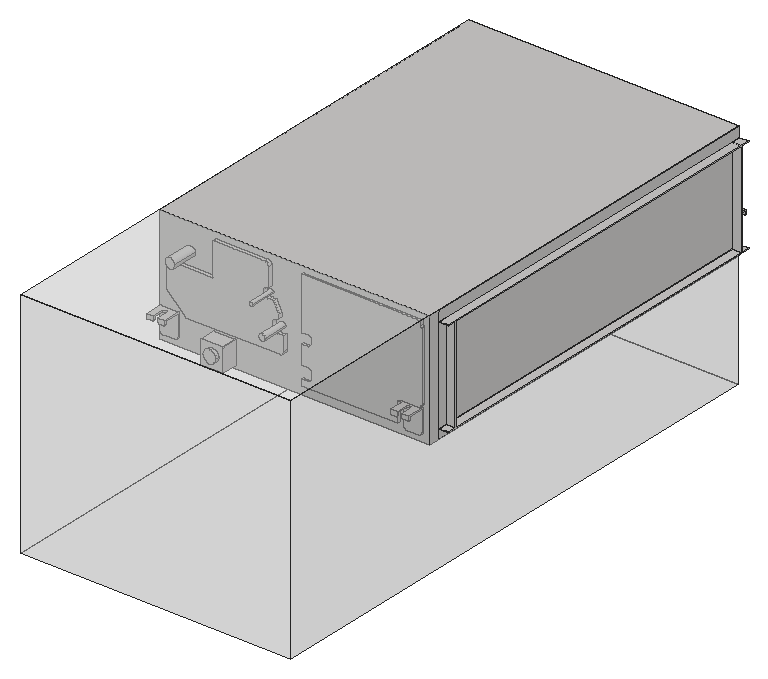
Revit family "outputfile", category 機械設備, Revit 2024
Family settings
  丸型コネクタ寸法 = 半径を使用
  パーツ タイプ = 標準
  OmniClass 番号 = 23.75.10.24.21.27.27
  OmniClass タイトル = Split System Air Conditioning Units
  作業面ベース = いいえ
  常に垂直 = はい
  ロード時にボイドで切り取り = いいえ
  注釈の向きを維持 = いいえ
  共有 = いいえ
  部屋計算ポイント = はい
Parameters (values of type "FXMQ140BFVM")
  Description = ""
  製造元 = "Daikin"
  書き出し IFC クラス(タイプ) = "IfcUnitaryEquipmentType"
  定義済み IFC タイプ(タイプ) = "AIRCONDITIONINGUNIT"
  Cost = 0
  モデル = "FXMQ140BFVM"
  Type Comments = ""
  Keynote = ""
  Type Image = (empty or 0)
  Assembly Code = ""
  w_dischargeflange = 805.0 mm
  w_suctionflange = 970.0 mm
  r_Liquid Pipe Size = Liquid Pipe Size / 2  # 4.75 mm
  r_Gas Pipe Size = Gas Pipe Size / 2  # 7.95 mm
  r_Drain Pipe Size = Drain Pipe Size / 2  # 12.5 mm
  lw_powersupply = 380.0 mm  # constant formula
  lw_mountinghole_pitch = 631.0 mm  # constant formula
  lw_mountinghole = 27.0 mm  # constant formula
  lw_maintenacesocket = 169.0 mm  # constant formula
  lw_liquidpipe = 290.0 mm  # constant formula
  lw_gaspipe = 318.0 mm  # constant formula
  lw_drainpipe = 80.0 mm  # constant formula
  lh_dischargeflange = 165.0 mm  # constant formula
  lh_powersupply = 56.0 mm  # constant formula
  lh_maintenacesocket = 40.0 mm  # constant formula
  lh_liquidpipe = 212.0 mm  # constant formula
  lh_gaspipe = 144.0 mm  # constant formula
  lh_drainpipe = 232.0 mm  # constant formula
  lh_suctionflange = 150.0 mm  # constant formula
  lh_antena = Height - lh_mountinghole + 1.0 mm  # 221.0 mm
  ld_dischargeflange = 435.0 mm
  ld_powersupply = Depth / 2  # 500.0 mm
  ld_mountinghole_pitch = 1038.0 mm
  ld_suctionflange = 513.0 mm
  h_dischargeflange = 265.0 mm  # constant formula
  lh_mountinghole = 80.0 mm  # constant formula
  h_mountinghole = [h***] + lh_mountinghole  # 80.0 mm
  h_suctionflange = 297.0 mm  # constant formula
  h*** = 0.0 mm  # constant formula
  d_dischargeflange = 25.0 mm  # constant formula
  d_pipe = 65.0 mm
  d_suctionflange = 25.0 mm  # constant formula
  Width = 700.0 mm
  Voltage_comment_60Hz = "220-230"
  Voltage_comment_50Hz = "220-240"
  Voltage_60Hz = 220 V
  Voltage_50Hz = 230 V
  Version = "ver.1.0"
  Unit Type = "Outdoor Air Processing Unit"
  Unit Mass Weight = 36.00 kg
  Unit Designation [instance] = ""
  Uniclass2015Version = "Products v1.30"
  Uniclass2015Title = "Variable refrigerant flow units"
  Uniclass2015Code = "Pr_70_65_03_94"
  URL = ""
  Total Cooling Capacity [instance] = 0.000 kW
  Supply Air Direction [instance] = yes
  Sound Pressure Level_M speed (dBA) = 34
  Sound Pressure Level_L speed (dBA) = 25
  Sound Pressure Level_H speed (dBA) = 41
  Sound Power Level_H speed (dB) = 0
  Series = "VRV Fan Coil Unit"
  Sensible Cooling Capacity [instance] = 0.000 kW
  SA Duct Size Width = 760.0 mm
  SA Duct Size Height = 215.0 mm
  Refrigerant Type = "R410A"
  Power Input (Cooling) = 0.100 kW
  Phase_60Hz = 1
  Phase_50Hz = 1
  Option Accessory 3 [instance] = ""
  Option Accessory 2 [instance] = ""
  Option Accessory 1 [instance] = ""
  OA Duct Size Width = 925.0 mm
  OA Duct Size Height = 247.0 mm
  Nominal Cooling Capacity = 16.000 kW
  Minimum External Static Pressure = 50.00 Pa
  Minimum Circuit Amps_60Hz = 1.75 A
  Minimum Circuit Amps_50Hz = 1.75 A
  Minimum Airflow = 618.00 m³/h
  Median Airflow = 924.00 m³/h
  Maximum Fuse Amps_60Hz = 16.0 A
  Maximum Fuse Amps_50Hz = 16.0 A
  Maximum External Static Pressure = 200.00 Pa
  Maximum Airflow = 1230.00 m³/h
  Material_Casing = DAIKIN_GalvanizedSteel_Casing_indoorunit
  Load Classification = HVAC
  Liquid Pipe Size = 9.5 mm
  Link_Nested Family [instance] = ""
  IfcVersion = "0"
  IfcExportType = "AIRCONDITIONINGUNIT"
  IfcExportAs = "IfcUnitaryEquipmentType"
  Height = 300.0 mm
  Heat Exchanger Type = "Cross Fin Coil"
  Gas Pipe Size = 15.9 mm
  Frequency_60Hz = 60 Hz
  Frequency_50Hz = 50 Hz
  Fan Type = "Sirocco Fan"
  Fan Drive = "Direct Drive"
  FCU Tag No. [instance] = ""
  Drain Pipe Size = 25.0 mm
  Design Supply Airflow [instance] = 0.00 m³/h
  Design Outdoor Airflow [instance] = 0.00 m³/h
  Design External Static Pressure [instance] = 0.00 Pa
  Depth = 1000.0 mm
  既定の高さ = 0.0 mm
  Cooling Entering Wet Bulb Temperature [instance] = 0.00 °C
  Cooling Entering Dry Bulb Temperature [instance] = 0.00 °C
  Cooling Ambient Wet Bulb Temperature [instance] = 0.00 °C
  Cooling Ambient Dry Bulb Temperature [instance] = 0.00 °C
  Clearance visibility [instance] = yes
  Clearance Top = 0.0 mm
  Clearance Right = 0.0 mm
  Clearance Rear = 0.0 mm
  Clearance Left = 0.0 mm
  Clearance Front = 450.0 mm
  Clearance Bottom = 300.0 mm
Reference planes
  plane 1 "Center (Front/Back)": y = 0
  plane 2: z = 0
  plane 3 "Center (Left/Right)": x = 0
  plane 4 "Back": y = 500
  plane 5 "Front": y = -500
  plane 6 "Left": x = -350
  plane 7 "Right": x = 350
  plane 8 "Top": z = 0
  plane 9 "Bottom": z = -300
  plane 10: y = 500
  plane 11: y = -950
  plane 12: x = 350
  plane 13: x = -350
  plane 14: z = 0
  plane 15: z = -600
  plane 16: y = -506
  plane 17: y = -510
  plane 18: y = -541
  plane 19: y = -549
  plane 20: y = -565
  plane 21 "ld_drainpipe": x = -270
  plane 22 "ld_liquidpipe": x = -60
  plane 23 "ld_gaspipe": x = -32
  plane 24 "lh_gaspipe": z = -156
  plane 25 "lh_drainpipe": z = -68
  plane 26 "lh_liquidpipe": z = -88
  plane 27 "h_mountinghole": z = -220
  plane 28: x = -323
  plane 29: x = 308
  plane 30: y = 519
  plane 31: y = -519
  plane 32 "lh_powersuply": z = -244
  plane 33 "ld_powersupply": x = 30
  plane 34 "lh_suctionflange": z = -150
  plane 35 "ld_suctionflange": y = 13
  plane 36 "ld_dischargeflange": y = 65
  plane 37 "lh_dischargeflange": z = -135
  plane 38 "lh_maintenacesocket": z = -260
  plane 39 "lw_maintenacesocket": x = -181
Forms (mm)
  Extrusion 1, solid, material "DAIKIN_GalvanizedSteel_Casing_indoorunit" <- "Material_Casing"
    sketch origin (0, 0, 0) x (1, 0, 0) y (0, 0, 1)
      loop
        line (-350, 0) -> (-350, -300) -> (350, -300) -> (350, 0) -> (-350, 0)
    from -500 to 500
  Extrusion 2, solid, material "DAIKIN_GalvanizedSteel_Casing_indoorunit" <- "Material_Casing"
    sketch origin (0, 0, 0) x (1, 0, 0) y (0, 0, 1)
      loop
        line (23.104, -151.299) -> (41.1, -151.326)
        arc (41.1, -151.326) -> (46.767, -153.673) -> (49.114, -159.34) r 8.015
        line (49.114, -159.34) -> (49.104, -169.302)
        arc (49.104, -169.302) -> (46.761, -174.959) -> (41.104, -177.302) r 8
        line (41.104, -177.302) -> (23.104, -177.302) -> (23.104, -227.302) -> (41.104, -227.302)
        arc (41.104, -227.302) -> (46.761, -229.645) -> (49.104, -235.302) r 8
        line (49.104, -235.302) -> (49.104, -251.302)
        arc (49.104, -251.302) -> (46.761, -256.959) -> (41.104, -259.302) r 8
        line (41.104, -259.302) -> (23.104, -259.302) -> (23.104, -274.802) -> (271.104, -274.802) -> (271.104, -224.802)
        arc (271.104, -224.802) -> (272.568, -221.266) -> (276.104, -219.802) r 5
        line (276.104, -219.802) -> (327.104, -219.802)
        spline (327.104, -219.802) -> (327.496, -219.776) -> (327.88, -219.7) -> (328.252, -219.574) -> (328.604, -219.4) -> (328.93, -219.182) -> (329.225, -218.923) -> (329.484, -218.628) -> (329.702, -218.302) -> (329.876, -217.95) -> (330.002, -217.578) -> (330.078, -217.194) -> (330.104, -216.802)
        line (330.104, -216.802) -> (330.104, -213) -> (332, -213)
        arc (332, -213) -> (334.121, -212.121) -> (335, -210) r 3
        line (335, -210) -> (335, -32)
        arc (335, -32) -> (334.121, -29.879) -> (332, -29) r 3
        line (332, -29) -> (330.104, -29) -> (330.104, -15.8) -> (23.104, -15.8) -> (23.104, -151.299)
    from 500 to 506
  Extrusion 3, solid, material "DAIKIN_GalvanizedSteel_Casing_indoorunit" <- "Material_Casing"
    sketch origin (0, 0, 0) x (1, 0, 0) y (0, 0, 1)
      loop
        line (-70, -15.8) -> (-201, -15.8)
        arc (-201, -15.8) -> (-203.121, -16.679) -> (-204, -18.8) r 3
        line (-204, -18.8) -> (-204, -102) -> (-321, -102)
        arc (-321, -102) -> (-323.121, -102.879) -> (-324, -105) r 3
        line (-324, -105) -> (-324, -167.757)
        arc (-324, -167.757) -> (-323.772, -168.905) -> (-323.121, -169.879) r 3
        line (-323.121, -169.879) -> (-274.879, -218.121)
        arc (-274.879, -218.121) -> (-273.905, -218.772) -> (-272.757, -219) r 3
        line (-272.757, -219) -> (-30, -219)
        arc (-30, -219) -> (-22.929, -216.071) -> (-20, -209) r 10
        line (-20, -209) -> (-20, -172.5) -> (-26.169, -172.5)
        arc (-26.169, -172.5) -> (-49.051, -159.94) -> (-34, -138.615) r 17.5
        line (-34, -138.615) -> (-34, -127.5) -> (-47, -100.5) -> (-56.429, -100.5)
        arc (-56.429, -100.5) -> (-72.874, -89.803) -> (-60, -75) r 13
        line (-60, -75) -> (-60, -25.8)
        arc (-60, -25.8) -> (-62.929, -18.729) -> (-70, -15.8) r 10
    from 510 to 500
  Extrusion 4, solid, material "DAIKIN_GalvanizedSteel_Casing_indoorunit" <- "Material_Casing"
    sketch origin (0, 0, 0) x (1, 0, 0) y (0, 0, 1)
      loop
        line (-209.102, -232.7) -> (-209.102, -292.398) -> (-152.898, -292.398) -> (-152.898, -232.7)
        arc (-152.898, -232.7) -> (-153.133, -232.133) -> (-153.7, -231.898) r 0.802
        line (-153.7, -231.898) -> (-208.298, -231.898)
        arc (-208.298, -231.898) -> (-208.865, -232.133) -> (-209.102, -232.7) r 0.802
    from 500 to 541
  Extrusion 5, solid, material "DAIKIN_GalvanizedSteel_Casing_indoorunit" <- "Material_Casing"
    sketch origin (0, 0, 0) x (1, 0, 0) y (0, 0, 1)
      loop
        circle (-181, -260) r 16.5
    from 541 to 549
  Extrusion 6, solid, material "DAIKIN_GalvanizedSteel_Casing_indoorunit" <- "Material_Casing"
    sketch origin (0, 0, 0) x (1, 0, 0) y (0, 0, 1)
      loop
        circle (-270, -68) r 12.5
      loop
        circle (-60, -88) r 4.75
      loop
        circle (-32, -156) r 7.95
    from 500 to 565
Dimensions and locks
  "Height": plane 8 "Top" to plane 9 "Bottom"
  equal spacing: plane 6 "Left", plane 3 "Center (Left/Right)", plane 7 "Right", locked at 350 each
  "Width": plane 6 "Left" to plane 7 "Right"
  equal spacing: plane 4 "Back", plane 1 "Center (Front/Back)", plane 5 "Front"
  "Depth": plane 4 "Back" to plane 5 "Front"
  "Clearance Left": plane 13 to plane 6 "Left"
  "Clearance Right": plane 7 "Right" to plane 12
  "Clearance Rear": plane 10 to plane 4 "Back"
  "Clearance Front": plane 5 "Front" to plane 11
  "Clearance Top": plane 14 to plane 8 "Top"
  "Clearance Bottom": plane 9 "Bottom" to plane 15
  Extrusion 2 sketch curve to Extrusion 2 sketch curve to Extrusion 2 sketch curve = 307.0 mm locked, 4.896 mm locked
  Extrusion 2 sketch curve to Extrusion 2 sketch curve to Extrusion 2 sketch curve to Extrusion 2 sketch curve to Extrusion 2 sketch curve = 26.0 mm locked, 222.0 mm locked, 59.0 mm locked, 4.896 mm locked
  locked: Extrusion 2 sketch curve to Extrusion 2 sketch curve at 26.01
  locked: Extrusion 2 sketch curve to nested 1 at 23.104
  locked: Extrusion 2 sketch curve to plane 3 "Center (Left/Right)" at 23.104
  plane 3 "Center (Left/Right)" to Extrusion 2 sketch curve = 23.104 mm
  Extrusion 2 sketch curve to Extrusion 2 sketch curve to Extrusion 2 sketch curve to Extrusion 2 sketch curve to Extrusion 2 sketch curve = 161.502 mm locked, 50.0 mm locked, 32.0 mm locked, 15.5 mm locked
  locked: Extrusion 2 sketch curve to Extrusion 2 sketch curve at 68.127
  locked: Extrusion 2 sketch curve to Extrusion 2 sketch curve at 13.2
  locked: Extrusion 2 sketch curve to Extrusion 2 sketch curve at 6.802
  locked: Extrusion 2 sketch curve to Extrusion 2 sketch curve at 55
  locked: plane 5 "Front" to plane 16 at 6
  locked: plane 5 "Front" to plane 17 at 10
  locked: plane 5 "Front" to plane 18 at 41
  "d_pipe": plane 5 "Front" to plane 20
  "lw_drainpipe": plane 6 "Left" to plane 21 "ld_drainpipe"
  "lw_liquidpipe": plane 6 "Left" to plane 22 "ld_liquidpipe"
  "lw_gaspipe": plane 6 "Left" to plane 23 "ld_gaspipe"
  "lh_gaspipe": plane 24 "lh_gaspipe" to plane 9 "Bottom"
  "lh_liquidpipe": plane 26 "lh_liquidpipe" to plane 9 "Bottom"
  "lh_drainpipe": plane 25 "lh_drainpipe" to plane 9 "Bottom"
  "lh_mountinghole": plane 27 "h_mountinghole" to plane 9 "Bottom"
  "lw_mountinghole": plane 6 "Left" to plane 28
  "lw_mountinghole_pitch": plane 28 to plane 29
  equal spacing: plane 30, plane 1 "Center (Front/Back)", plane 31
  "ld_mountinghole_pitch": plane 30 to plane 31
  locked: Extrusion 3 sketch curve to plane 6 "Left" at 146
  locked: Extrusion 3 sketch curve to plane 6 "Left" at 290
  locked: plane 6 "Left" to Extrusion 3 sketch curve at 26
  locked: Extrusion 3 sketch curve to plane 6 "Left" at 316
  locked: Extrusion 3 sketch curve to plane 6 "Left" at 330
  locked: Extrusion 3 sketch curve to plane 9 "Bottom" at 81
  locked: Extrusion 3 sketch curve to plane 9 "Bottom" at 284.2
  locked: Extrusion 3 sketch curve to plane 9 "Bottom" at 199.5
  locked: Extrusion 3 sketch curve to plane 9 "Bottom" at 127.5
  locked: Extrusion 3 sketch curve to plane 9 "Bottom" at 198
  "lh_powersupply": plane 32 "lh_powersuply" to plane 9 "Bottom"
  "lw_powersupply": plane 6 "Left" to plane 33 "ld_powersupply"
  "lh_suctionflange": plane 34 "lh_suctionflange" to plane 9 "Bottom"
  "ld_suctionflange": plane 35 "ld_suctionflange" to plane 5 "Front"
  "ld_dischargeflange": plane 4 "Back" to plane 36 "ld_dischargeflange"
  "lh_dischargeflange": plane 37 "lh_dischargeflange" to plane 9 "Bottom"
  locked: plane 5 "Front" to plane 19 at 49
  "lh_maintenacesocket": plane 38 "lh_maintenacesocket" to plane 9 "Bottom"
  "lw_maintenacesocket": plane 6 "Left" to plane 39 "lw_maintenacesocket"
  equal spacing: Extrusion 4 sketch curve, plane 39 "lw_maintenacesocket", Extrusion 4 sketch curve
  locked: Extrusion 4 sketch curve to Extrusion 4 sketch curve at 56.204
  Extrusion 4 sketch curve to plane 38 "lh_maintenacesocket" to Extrusion 4 sketch curve = 28.102 mm locked, 32.398 mm locked
  "r_Drain Pipe Size": radius of Extrusion 6 sketch curve
  "r_Liquid Pipe Size": radius of Extrusion 6 sketch curve
  "r_Gas Pipe Size": radius of Extrusion 6 sketch curve
  aligned and locked: level to plane 2
  aligned and locked: Extrusion 1 sketch curve to plane 8 "Top"
  aligned and locked: plane 6 "Left" to Extrusion 1 sketch curve
  aligned and locked: plane 9 "Bottom" to Extrusion 1 sketch curve
  aligned and locked: Extrusion 1 sketch curve to plane 7 "Right"
  aligned and locked: plane 4 "Back" to Extrusion 1
  aligned and locked: Extrusion 1 to plane 5 "Front"
  aligned and locked: plane 10 to nested 1
  aligned and locked: plane 11 to nested 1
  aligned and locked: plane 12 to nested 1
  aligned and locked: nested 1 to plane 13
  aligned and locked: plane 15 to nested 1
  aligned and locked: plane 14 to nested 1
  aligned and locked: Extrusion 2 to plane 16
  aligned and locked: plane 5 "Front" to Extrusion 2
  aligned and locked: Extrusion 4 to plane 18
  aligned and locked: plane 5 "Front" to Extrusion 4
  aligned and locked: Extrusion 5 to plane 19
  aligned and locked: plane 18 to Extrusion 5
  aligned and locked: plane 25 "lh_drainpipe" to Extrusion 6 sketch curve
  aligned and locked: plane 21 "ld_drainpipe" to Extrusion 6 sketch curve
  aligned and locked: plane 26 "lh_liquidpipe" to Extrusion 6 sketch curve
  aligned and locked: plane 22 "ld_liquidpipe" to Extrusion 6 sketch curve
  aligned and locked: plane 23 "ld_gaspipe" to Extrusion 6 sketch curve
  aligned and locked: plane 24 "lh_gaspipe" to Extrusion 6 sketch curve
  aligned and locked: Extrusion 6 to plane 20
  aligned and locked: plane 5 "Front" to Extrusion 6
  aligned and locked: nested 2 to plane 5 "Front"
  aligned and locked: nested 2 to plane 21 "ld_drainpipe"
  aligned and locked: plane 25 "lh_drainpipe" to nested 2
  aligned and locked: nested 3 to plane 5 "Front"
  aligned and locked: nested 4 to plane 5 "Front"
  aligned and locked: plane 26 "lh_liquidpipe" to nested 3
  aligned and locked: plane 24 "lh_gaspipe" to nested 4
  aligned and locked: plane 29 to nested 5
  aligned and locked: plane 4 "Back" to nested 5
  aligned and locked: plane 27 "h_mountinghole" to nested 5
  aligned and locked: plane 28 to nested 6
  aligned and locked: plane 4 "Back" to nested 6
  aligned and locked: plane 27 "h_mountinghole" to nested 6
  aligned and locked: nested 7 to plane 29
  aligned and locked: plane 5 "Front" to nested 7
  aligned and locked: plane 5 "Front" to nested 8
  aligned and locked: nested 8 to plane 28
  aligned and locked: nested 7 to plane 27 "h_mountinghole"
  aligned and locked: nested 8 to plane 27 "h_mountinghole"
  aligned and locked: Extrusion 3 to plane 17
  aligned and locked: plane 5 "Front" to Extrusion 3
  aligned and locked: nested 11 to plane 28
  aligned and locked: nested 11 to plane 30
  aligned and locked: nested 12 to plane 29
  aligned and locked: nested 12 to plane 30
  aligned and locked: nested 9 to plane 29
  aligned and locked: plane 31 to nested 9
  aligned and locked: nested 10 to plane 28
  aligned and locked: plane 31 to nested 10
  aligned and locked: nested 13 to plane 32 "lh_powersuply"
  aligned and locked: plane 1 "Center (Front/Back)" to nested 14
  aligned and locked: nested 14 to plane 3 "Center (Left/Right)"
  aligned and locked: plane 34 "lh_suctionflange" to nested 15
  aligned and locked: plane 7 "Right" to nested 15
  aligned and locked: plane 35 "ld_suctionflange" to nested 15
  aligned and locked: nested 16 to plane 36 "ld_dischargeflange"
  aligned and locked: nested 16 to plane 6 "Left"
  aligned and locked: plane 37 "lh_dischargeflange" to nested 16
  aligned and locked: nested 17 to plane 6 "Left"
  aligned and locked: nested 17 to plane 36 "ld_dischargeflange"
  aligned and locked: plane 7 "Right" to nested 18
  aligned and locked: plane 35 "ld_suctionflange" to nested 18
  aligned and locked: nested 18 to plane 34 "lh_suctionflange"
  aligned and locked: nested 17 to plane 37 "lh_dischargeflange"
  aligned and locked: plane 38 "lh_maintenacesocket" to Extrusion 5 sketch curve
  aligned and locked: plane 39 "lw_maintenacesocket" to Extrusion 5 sketch curve
  aligned and locked: nested 3 to plane 22 "ld_liquidpipe"
  aligned and locked: nested 4 to plane 23 "ld_gaspipe"
  aligned and locked: nested 13 to plane 33 "ld_powersupply"
  aligned and locked: level to plane 8 "Top"
Automatic sketch dimensions
  Extrusion 2 sketch curve to Extrusion 2 sketch curve = 0.027 mm
  Extrusion 2 sketch curve to Extrusion 2 sketch curve = 8.015 mm
  Extrusion 2 sketch curve to Extrusion 2 sketch curve = 8.01 mm
  Extrusion 2 sketch curve to Extrusion 2 sketch curve = 0.0 mm  (x4)
  Extrusion 2 sketch curve to Extrusion 2 sketch curve = 8.0 mm  (x3)
  Extrusion 2 sketch curve to Extrusion 2 sketch curve = 5.0 mm
  Extrusion 2 sketch curve to Extrusion 2 sketch curve = 3.0 mm  (x2)
  Extrusion 2 sketch curve to Extrusion 2 sketch curve = 1.896 mm  (x2)
  Extrusion 2 sketch curve to plane 8 "Top" = 15.8 mm
  Extrusion 4 sketch curve to Extrusion 4 sketch curve = 0.804 mm
  Extrusion 4 sketch curve to Extrusion 4 sketch curve = 0.802 mm  (x2)
  Extrusion 4 sketch curve to Extrusion 4 sketch curve = 0.0 mm
  plane 23 "ld_gaspipe" to Extrusion 3 sketch curve = 0.0 mm
  Extrusion 3 sketch curve to plane 24 "lh_gaspipe" = 0.0 mm
  Extrusion 3 sketch curve to plane 26 "lh_liquidpipe" = 0.0 mm
  plane 28 to Extrusion 3 sketch curve = 0.121 mm
  Extrusion 3 sketch curve to plane 28 = 2.0 mm  (x2)
  plane 21 "ld_drainpipe" to Extrusion 3 sketch curve = 4.879 mm
  plane 21 "ld_drainpipe" to Extrusion 3 sketch curve = 2.757 mm
  Extrusion 3 sketch curve to Extrusion 3 sketch curve = 3.0 mm  (x2)
  plane 22 "ld_liquidpipe" to Extrusion 3 sketch curve = 10.0 mm
  Extrusion 3 sketch curve to plane 22 "ld_liquidpipe" = 3.571 mm
  Extrusion 3 sketch curve to Extrusion 3 sketch curve = 9.429 mm
  Extrusion 3 sketch curve to plane 23 "ld_gaspipe" = 2.0 mm
  Extrusion 3 sketch curve to plane 23 "ld_gaspipe" = 5.831 mm
  Extrusion 3 sketch curve to plane 24 "lh_gaspipe" = 11.757 mm
  Extrusion 3 sketch curve to Extrusion 3 sketch curve = 11.115 mm
  radius of Extrusion 5 sketch curve = 16.5 mm
Nested families
  nested 1: "daikin_clearancespace" at (0, -225, -299.881), visible <- "Clearance visibility", show <- "Clearance visibility", Link_Nested Family <- "Link_Nested Family", type "daikin_clearancespace"
    with width 700.0 mm, show yes, height 600.0 mm, depth 1450.0 mm, Link_Nested Family ""
  nested 2: "daikin_connector_rotate2" at (-270, -500, -68), length <- "d_pipe", radius <- "r_Drain Pipe Size", type "daikin_connector_rotate2"
    with radius 12.5 mm, length 65.0 mm, angle_vertical 90.00°, show_face no
  nested 3: "daikin_connector_rotate2" at (-60, -500, -88), length <- "d_pipe", radius <- "r_Liquid Pipe Size", type "daikin_connector_rotate2"
    with radius 4.75 mm, length 65.0 mm, angle_vertical 90.00°, show_face no
  nested 4: "daikin_connector_rotate2" at (-32, -500, -156), length <- "d_pipe", radius <- "r_Gas Pipe Size", type "daikin_connector_rotate2"
    with radius 7.95 mm, length 65.0 mm, angle_vertical 90.00°, show_face no
  nested 5: "daikin_hangerfixture_FXMQ-BFVM" at (308, 500, -220) x (-1, 0, 0) z (0, 0, 1), type "daikin_hangerfixture_FXMQ-BFVM"
  nested 6: "daikin_hangerfixture_FXMQ-BFVM" at (-323, 500, -220) x (-1, 0, 0) z (0, 0, 1), type "daikin_hangerfixture_FXMQ-BFVM"
  nested 7: "daikin_hangerfixture_FXMQ-BFVM" at (308, -500, -220) x (-1, 0, 0) z (0, 0, 1), type "daikin_hangerfixture_FXMQ-BFVM"
  nested 8: "daikin_hangerfixture_FXMQ-BFVM" at (-323, -500, -220) x (-1, 0, 0) z (0, 0, 1), type "daikin_hangerfixture_FXMQ-BFVM"
  nested 9: "daikin_mountinghole" at (308, -519, -300), Link_Nested Family <- "Link_Nested Family", l_antenna <- "lh_antena", h_mountinghole <- "h_mountinghole", type "daikin_mountinghole"
    with show yes, l_antenna 221.0 mm, h_mountinghole 80.0 mm, Link_Nested Family ""
  nested 10: "daikin_mountinghole" at (-323, -519, -300), Link_Nested Family <- "Link_Nested Family", l_antenna <- "lh_antena", h_mountinghole <- "h_mountinghole", type "daikin_mountinghole"
    with show yes, l_antenna 221.0 mm, h_mountinghole 80.0 mm, Link_Nested Family ""
  nested 11: "daikin_mountinghole" at (-323, 519, -300), Link_Nested Family <- "Link_Nested Family", l_antenna <- "lh_antena", h_mountinghole <- "h_mountinghole", type "daikin_mountinghole"
    with show yes, l_antenna 221.0 mm, h_mountinghole 80.0 mm, Link_Nested Family ""
  nested 12: "daikin_mountinghole" at (308, 519, -300), Link_Nested Family <- "Link_Nested Family", l_antenna <- "lh_antena", h_mountinghole <- "h_mountinghole", type "daikin_mountinghole"
    with show yes, l_antenna 221.0 mm, h_mountinghole 80.0 mm, Link_Nested Family ""
  nested 13: "daikin_connector_rotate2" at (30, 0, -244), length <- "ld_powersupply", type "daikin_connector_rotate2"
    with radius 10.0 mm, length 500.0 mm, angle_vertical 90.00°, show_face no
  nested 14: "daikin_△_symbolicline" at (0, 0, 300) x (0, -1, 0) z (0, 0, 1), visible <- "Supply Air Direction", built-in parameter 1001364 <- "Height", type "daikin_△_symbolicline"
    with length 300.0 mm
  nested 15: "daikin_ductflange_FXMQ-BFVM" at (350, 13, -298.5) x (0, 1, 0) z (0, 0, 1), depth <- "d_suctionflange", height <- "h_suctionflange", width <- "w_suctionflange", material <- "Material_Casing", type "daikin_ductflange_FXMQ-BFVM"
    with width 970.0 mm, top1 25.0 mm, right1 22.5 mm, material DAIKIN_GalvanizedSteel_Casing_indoorunit, left1 22.5 mm, height 297.0 mm, depth 25.0 mm, Bottom1 25.0 mm
  nested 16: "daikin_ductflange_FXMQ-BFVM" at (-350, 65, -267.5) x (0, -1, 0) z (0, 0, 1), material <- "Material_Casing", depth <- "d_dischargeflange", height <- "h_dischargeflange", width <- "w_dischargeflange", type "daikin_ductflange_FXMQ-BFVM"
    with width 805.0 mm, top1 25.0 mm, right1 22.5 mm, material DAIKIN_GalvanizedSteel_Casing_indoorunit, left1 22.5 mm, height 265.0 mm, depth 25.0 mm, Bottom1 25.0 mm
  nested 17: "daikin_connector_rotate2" at (-350, 65, -135) x (0, -1, 0) z (0, 0, 1), length <- "d_dischargeflange", type "daikin_connector_rotate2"
    with radius 10.0 mm, length 25.0 mm, angle_vertical 90.00°, show_face no
  nested 18: "daikin_connector_rotate2" at (350, 13, -150) x (0, 1, 0) z (0, 0, 1), length <- "d_suctionflange", type "daikin_connector_rotate2"
    with radius 10.0 mm, length 25.0 mm, angle_vertical 90.00°, show_face no
Connectors
  piping at (-270, -565, -68), diameter 25, driven by "r_Drain Pipe Size"
    settings: on nested 2, index 1, connector inside diameter 609.6 mm, connector length 0.0 mm, flow factor 0, pipe flow 0.00 m³/h, pressure drop 0.0 Pa, fitting loss kfactor 0, connector angle 0.00°, fixture units 0, engagement length 0.0 mm, angle of deflection 0.00°, flow configuration 1, flow direction 2, fitting loss method 4, system type 16, joint type 0, gender type 0, connector reference index -1, connector utility 0, adjustable connector no, is connector primary yes, connector description "Condensate Drain Piping"
  piping at (-60, -565, -88), diameter 9.5, driven by "r_Liquid Pipe Size"
    settings: on nested 3, index 2, connector inside diameter 609.6 mm, connector length 0.0 mm, flow factor 0, pipe flow 0.00 m³/h, pressure drop 0.0 Pa, fitting loss kfactor 0, connector angle 0.00°, fixture units 0, engagement length 0.0 mm, angle of deflection 0.00°, flow configuration 1, flow direction 1, fitting loss method 0, system type 29, joint type 0, gender type 0, connector reference index -1, connector utility 0, adjustable connector no, is connector primary no, connector description "Refrigerant Liquid Piping"
  piping at (-32, -565, -156), diameter 15.9, driven by "r_Gas Pipe Size"
    settings: on nested 4, index 3, connector inside diameter 609.6 mm, connector length 0.0 mm, flow factor 0, pipe flow 0.00 m³/h, pressure drop 0.0 Pa, fitting loss kfactor 0, connector angle 0.00°, fixture units 0, engagement length 0.0 mm, angle of deflection 0.00°, flow configuration 1, flow direction 2, fitting loss method 0, system type 29, joint type 0, gender type 0, connector reference index -1, connector utility 0, adjustable connector no, is connector primary no, connector description "Refrigerant Gas Piping"
  electrical at (30, -500, -244), driven by "Load Classification"
    settings: on nested 13, index 4, voltage 0 V, apparent load 0 VA, apparent load phase1 0 VA, apparent load phase2 0 VA, apparent load phase3 0 VA, power factor 1, load classification "HVAC", number of poles 1, system type 30, power factor state 1, is connector primary yes, connector utility no, sub classification motor no, connector description "Power Supply"
  hvac at (375, 13, -150), driven by "OA Duct Size Height", driven by "OA Duct Size Width"
    settings: on nested 15, index 5, duct flow 0.00 m³/h, flow factor 0, pres drop 0.00 Pa, loss coef 0, conn angle 0.00°, conn width 925.0 mm, conn height 247.0 mm, conn diameter 609.6 mm, duct sys type 1, conn prof type 1, flow config 0, flow direction 1, loss method 4, conn ref index -1, conn util no, is conn primary no, conn desc "OA Duct"
  hvac at (-375, 65, -135), driven by "SA Duct Size Height", driven by "SA Duct Size Width"
    settings: on nested 16, index 6, duct flow 0.00 m³/h, flow factor 0, pres drop 0.00 Pa, loss coef 0, conn angle 0.00°, conn width 760.0 mm, conn height 215.0 mm, conn diameter 609.6 mm, duct sys type 1, conn prof type 1, flow config 0, flow direction 2, loss method 4, conn ref index -1, conn util no, is conn primary yes, conn desc "SA Duct"
Definition of nested family "daikin_clearancespace"
  Parameters (values of type "daikin_clearancespace")
    width [instance] = 1823.963 mm
    show [instance] = yes
    material = none
    height [instance] = 1359.762 mm
    depth [instance] = 880.0 mm
    Default Elevation = 0.0 mm
    Link_Nested Family [instance] = ""
  Reference planes
    plane 1 "Center (Front/Back)": y = 0
    plane 2 "Center (Elevation)": z = -0.119
    plane 3 "Center (Left/Right)": x = 0
    plane 4: y = 440
    plane 5: y = -440
    plane 6 "Right": x = 911.982
    plane 7 "Left": x = -911.982
    plane 8 "Top": z = 679.762
    plane 9 "Bottom": z = -680
  Forms (mm)
    Extrusion 1, solid, material <- "material", visible <- "show"
      sketch origin (0, 0, 0) x (1, 0, 0) y (0, 1, 0)
        loop
          line (-911.982, 440) -> (-911.982, -440) -> (911.982, -440) -> (911.982, 440) -> (-911.982, 440)
      from -680 to 679.762
  Lines and regions (mm)
    symbolic lines, visible <- "show"
      curve 1: line (911.982, 440, 0) -> (-911.982, 440, 0)
      curve 2: line (-911.982, 440, 0) -> (-911.982, -440, 0)
      curve 3: line (-911.982, -440, 0) -> (911.982, -440, 0)
      curve 4: line (911.982, -440, 0) -> (911.982, 440, 0)
      curve 5: line (911.982, 0, 679.762) -> (-911.982, 0, 679.762)
      curve 6: line (911.982, 0, -680) -> (911.982, 0, 679.762)
      curve 7: line (-911.982, 0, -680) -> (911.982, 0, -680)
      curve 8: line (-911.982, 0, 679.762) -> (-911.982, 0, -680)
      curve 9: line (0, 440, 679.762) -> (0, -440, 679.762)
      curve 10: line (0, -440, 679.762) -> (0, -440, -680)
      curve 11: line (0, 440, -680) -> (0, 440, 679.762)
      curve 12: line (0, -440, -680) -> (0, 440, -680)
  Dimensions and locks
    "width": plane 7 "Left" to plane 6 "Right"
    "depth": plane 4 to plane 5
    "height": plane 8 "Top" to plane 9 "Bottom"
    equal spacing: plane 7 "Left", plane 3 "Center (Left/Right)", plane 6 "Right"
    equal spacing: plane 4, plane 1 "Center (Front/Back)", plane 5
    equal spacing: plane 8 "Top", plane 2 "Center (Elevation)", plane 9 "Bottom"
    aligned and locked: level to plane 2 "Center (Elevation)"
    aligned and locked: Extrusion 1 sketch curve to plane 4
    aligned and locked: plane 7 "Left" to Extrusion 1 sketch curve
    aligned and locked: Extrusion 1 sketch curve to plane 5
    aligned and locked: Extrusion 1 sketch curve to plane 6 "Right"
    aligned and locked: plane 8 "Top" to Extrusion 1
    aligned and locked: curve 1 to Extrusion 1
    aligned and locked: curve 2 to Extrusion 1
    aligned and locked: curve 3 to Extrusion 1
    aligned and locked: curve 4 to Extrusion 1
    aligned and locked: curve 5 to Extrusion 1
    aligned and locked: curve 6 to Extrusion 1
    aligned and locked: curve 7 to Extrusion 1
    aligned and locked: curve 8 to Extrusion 1
    aligned and locked: curve 9 to Extrusion 1
    aligned and locked: curve 10 to Extrusion 1
    aligned and locked: curve 11 to Extrusion 1
    aligned and locked: curve 12 to Extrusion 1
    aligned and locked: Extrusion 1 to plane 9 "Bottom"
Definition of nested family "daikin_hangerfixture_FXMQ-BFVM"
  Parameters (values of type "daikin_hangerfixture_CeilingMountedDuct")
    width = 48.0 mm
    material = none
    height = 65.0 mm
    depth = 45.0 mm
    Default Elevation = 0.0 mm
  Reference planes
    plane 1 "Center (Front/Back)": y = 0
    plane 2: z = 0
    plane 3 "Center (Left/Right)": x = 0
    plane 4: y = 417.146
    plane 5: y = -45
    plane 6: x = -24
    plane 7: x = 24
    plane 8: z = -2.3
    plane 9: z = -65
    plane 10: y = -2.3
    plane 11: z = -12
    plane 12: y = -42.7
  Forms (mm)
    Extrusion 1, solid, material <- "material"
      sketch origin (0, 0, 0) x (1, 0, 0) y (0, 1, 0)
        loop
          line (24, 0) -> (-24, 0) -> (-24, -45) -> (-6, -45) -> (-6, -19)
          arc (-6, -19) -> (0, -13) -> (6, -19) r 6
          line (6, -19) -> (6, -45) -> (24, -45) -> (24, 0)
      from 0 to -2.3
    Extrusion 2, solid, material <- "material"
      sketch origin (0, 0, 0) x (1, 0, 0) y (0, 0, 1)
        loop
          line (24, -55) -> (24, 0) -> (-24, 0) -> (-24, -55)
          arc (-24, -55) -> (-21.071, -62.071) -> (-14, -65) r 10
          line (-14, -65) -> (14, -65)
          arc (14, -65) -> (21.071, -62.071) -> (24, -55) r 10
      from 0 to 2.3
    Extrusion 3, solid, material <- "material"
      sketch origin (0, 0, 0) x (1, 0, 0) y (0, 0, 1)
        loop
          line (-6, -9) -> (-6, 0) -> (-24, 0) -> (-24, -9)
          arc (-24, -9) -> (-23.121, -11.121) -> (-21, -12) r 3
          line (-21, -12) -> (-9, -12)
          arc (-9, -12) -> (-6.879, -11.121) -> (-6, -9) r 3
        loop
          line (6, 0) -> (6, -9)
          arc (6, -9) -> (6.879, -11.121) -> (9, -12) r 3
          line (9, -12) -> (21, -12)
          arc (21, -12) -> (23.121, -11.121) -> (24, -9) r 3
          line (24, -9) -> (24, 0) -> (6, 0)
      from 42.7 to 45
  Cuts and joins
    joined: Extrusion 1, Extrusion 2, Extrusion 3
  Dimensions and locks
    "width": plane 6 to plane 7
    "depth": plane 5 to plane 1 "Center (Front/Back)"
    plane 2 to plane 8 = 2.3 mm
    "height": plane 2 to plane 9
    locked: plane 10 to plane 1 "Center (Front/Back)" at 2.3
    locked: plane 2 to plane 11 at 12
    locked: plane 12 to plane 5 at 2.3
    aligned and locked: level to plane 2
    aligned and locked: Extrusion 1 sketch curve to plane 1 "Center (Front/Back)"
    aligned and locked: plane 7 to Extrusion 1
    aligned and locked: Extrusion 1 to plane 6
    aligned and locked: Extrusion 1 to plane 5  (x2)
    aligned and locked: Extrusion 1 to plane 8
    aligned and locked: plane 2 to Extrusion 1
    aligned and locked: plane 2 to Extrusion 2 sketch curve
    aligned and locked: Extrusion 2 to plane 9
    aligned and locked: Extrusion 2 to plane 10
    aligned and locked: Extrusion 2 to plane 1 "Center (Front/Back)"
    aligned and locked: plane 2 to Extrusion 3 sketch curve  (x2)
    aligned and locked: Extrusion 3 to plane 11  (x2)
    aligned and locked: plane 12 to Extrusion 3
    aligned and locked: Extrusion 3 to plane 5
  Automatic sketch dimensions
    Extrusion 1 sketch curve to plane 6 = 0.0 mm
    Extrusion 1 sketch curve to plane 5 = 0.0 mm  (x2)
    Extrusion 1 sketch curve to plane 3 "Center (Left/Right)" = 0.0 mm
    Extrusion 1 sketch curve to plane 7 = 0.0 mm
    Extrusion 1 sketch curve to plane 3 "Center (Left/Right)" = 6.0 mm
    plane 1 "Center (Front/Back)" to Extrusion 1 sketch curve = 19.0 mm
    Extrusion 2 sketch curve to plane 7 = 0.0 mm
    Extrusion 2 sketch curve to plane 7 = 10.0 mm
    Extrusion 2 sketch curve to plane 8 = 52.7 mm
    plane 6 to Extrusion 2 sketch curve = 10.0 mm
    Extrusion 2 sketch curve to plane 6 = 0.0 mm
    Extrusion 3 sketch curve to plane 6 = 0.0 mm
    Extrusion 3 sketch curve to plane 7 = 0.0 mm
    Extrusion 3 sketch curve to Extrusion 3 sketch curve = 3.0 mm  (x2)
    Extrusion 3 sketch curve to plane 8 = 6.7 mm
    Extrusion 3 sketch curve to plane 3 "Center (Left/Right)" = 9.0 mm
    Extrusion 3 sketch curve to plane 3 "Center (Left/Right)" = 6.0 mm
    plane 3 "Center (Left/Right)" to Extrusion 3 sketch curve = 6.0 mm
    Extrusion 3 sketch curve to plane 7 = 3.0 mm
    Extrusion 3 sketch curve to plane 8 = 9.7 mm
Definition of nested family "daikin_ductflange_FXMQ-BFVM"
  Parameters (values of type "daikin_ductflange_CeilingMountedDuct")
    width [instance] = 670.0 mm
    right1 [instance] = 22.5 mm
    left1 [instance] = 22.5 mm
    Bottom1 [instance] = 25.0 mm
    material [instance] = none
    height [instance] = 272.0 mm
    depth [instance] = 25.0 mm
    top1 [instance] = 25.0 mm
    Default Elevation = 0.0 mm
  Reference planes
    plane 1 "Center (Front/Back)": y = 0
    plane 2: z = 0
    plane 3 "Center (Left/Right)": x = 0
    plane 4: y = -25
    plane 5: x = -335
    plane 6: x = 335
    plane 7 "Top": z = 272
    plane 8: y = -1
    plane 9: x = -312.5
    plane 10: x = 312.5
    plane 11: z = 247
    plane 12: z = 25
    plane 13 "Center (Elevation)": z = 136
  Forms (mm)
    Extrusion 1, solid, material <- "material"
      sketch origin (0, 0, 0) x (1, 0, 0) y (0, 0, 1)
        loop
          line (-335, 272) -> (-335, 0) -> (335, 0) -> (335, 272) -> (-335, 272)
        loop
          line (-312.5, 247) -> (-312.5, 25) -> (312.5, 25) -> (312.5, 247) -> (-312.5, 247)
      from 0 to 1
    Extrusion 2, solid, material <- "material"
      sketch origin (0, 0, 0) x (1, 0, 0) y (0, 1, 0)
        loop
          line (-312.5, -1) -> (-313.496, -1) -> (-313.496, -25) -> (-312.5, -25) -> (-312.5, -1)
        loop
          line (312.5, -1) -> (312.5, -25) -> (313.496, -25) -> (313.496, -1) -> (312.5, -1)
      from 25 to 247
    Extrusion 3, solid, material <- "material"
      sketch origin (0, 0, 0) x (0, 1, 0) y (0, 0, 1)
        loop
          line (-1, 247) -> (-1, 247.958) -> (-25, 247.958) -> (-25, 247) -> (-1, 247)
        loop
          line (-1, 25) -> (-25, 25) -> (-25, 24.042) -> (-1, 24.042) -> (-1, 25)
      from -335 to 335
  Cuts and joins
    joined: Extrusion 1, Extrusion 2, Extrusion 3
  Dimensions and locks
    "height": plane 7 "Top" to plane 2
    "width": plane 5 to plane 6
    equal spacing: plane 5, plane 3 "Center (Left/Right)", plane 6
    "depth": plane 1 "Center (Front/Back)" to plane 4
    locked: plane 8 to plane 1 "Center (Front/Back)" at 1
    "left1": plane 5 to plane 9
    "right1": plane 10 to plane 6
    locked: Extrusion 2 sketch curve to Extrusion 2 sketch curve at 0.996  (x2)
    "top1": plane 7 "Top" to plane 11
    "Bottom1": plane 12 to plane 2
    equal spacing: plane 7 "Top", plane 13 "Center (Elevation)", plane 2
    locked: Extrusion 3 sketch curve to Extrusion 2 at 0.958  (x2)
    aligned and locked: level to plane 2
    aligned and locked: Extrusion 1 sketch curve to plane 7 "Top"
    aligned and locked: plane 5 to Extrusion 1 sketch curve
    aligned and locked: Extrusion 1 sketch curve to plane 6
    aligned and locked: plane 2 to Extrusion 1 sketch curve
    aligned and locked: Extrusion 1 to plane 8
    aligned and locked: Extrusion 2 sketch curve to plane 8
    aligned and locked: Extrusion 2 sketch curve to plane 9
    aligned and locked: plane 8 to Extrusion 2 sketch curve
    aligned and locked: Extrusion 2 sketch curve to plane 10
    aligned and locked: plane 11 to Extrusion 2
    aligned and locked: Extrusion 2 to plane 12
    aligned and locked: plane 8 to Extrusion 3 sketch curve
    aligned and locked: Extrusion 3 sketch curve to plane 11
    aligned and locked: Extrusion 3 sketch curve to plane 8
    aligned and locked: Extrusion 3 sketch curve to plane 12
    aligned and locked: Extrusion 3 to plane 5
    aligned and locked: plane 6 to Extrusion 3
    aligned and locked: plane 4 to Extrusion 2 sketch curve
    aligned and locked: Extrusion 2 sketch curve to plane 4
    aligned and locked: plane 4 to Extrusion 3 sketch curve
    aligned and locked: Extrusion 3 sketch curve to plane 4
    aligned and locked: plane 9 to Extrusion 1 sketch curve
    aligned and locked: Extrusion 1 sketch curve to plane 10
    aligned and locked: plane 12 to Extrusion 1 sketch curve
    aligned and locked: Extrusion 1 sketch curve to plane 11
Definition of nested family "daikin_connector_rotate2"
  Parameters (values of type "daikin_connector_rotate2")
    show_face = yes
    radius [instance] = 10.0 mm
    length [instance] = 600.0 mm
    d_surface = 10.0 mm
    angle_vertical [instance] = 90.00°
    Default Elevation = 0.0 mm
  Reference planes
    plane 1 "Center (Front/Back)": y = 0
    plane 2: z = 0
    plane 3 "Center (Left/Right)": x = 0
  Forms (mm)
    Extrusion 1, solid, visible <- "show_face"
      sketch origin (0, -600, 0) x (1, 0, 0) y (0, 0, 1)
        loop
          circle (0, 0) r 10
      from 0 to -10
  Lines and regions (mm)
    reference lines
      curve 1: line (0, 0, 0) -> (0, -600, 0)
    symbolic lines
      curve 2: circle (0, 0, 0) r 5 normal (0, 0, 1)
    model lines, visible <- "show_face"
      curve 3: line (0, 0, 0) -> (0, -600, 0)
  Dimensions and locks
    "length": curve 1 to curve 1
    "length": curve 3 to curve 3
    "d_surface": Extrusion 1 to Extrusion 1
    "radius": radius of Extrusion 1 sketch curve
    "angle_vertical": angle curve 1 to plane 1 "Center (Front/Back)"
    "angle_vertical": angle curve 3 to plane 1 "Center (Front/Back)"
    aligned and locked: level to plane 2
    aligned and locked: plane 1 "Center (Front/Back)" to curve 1
    aligned and locked: plane 2 to curve 1
    aligned and locked: plane 1 "Center (Front/Back)" to curve 2
    aligned and locked: plane 3 "Center (Left/Right)" to curve 2
    aligned and locked: plane 1 "Center (Front/Back)" to curve 3
    aligned and locked: plane 2 to curve 3
    aligned and locked: Extrusion 1 to Extrusion 1
  Automatic sketch dimensions
    Extrusion 1 sketch curve to level = 0.0 mm
    Extrusion 1 sketch curve to plane 3 "Center (Left/Right)" = 0.0 mm
    radius of curve 2 = 5.0 mm
Definition of nested family "daikin_mountinghole"
  Parameters (values of type "daikin_mountinghole")
    Default Elevation = 1219.2 mm
    Type Comments = "mountinghole"
    show [instance] = yes
    material = none
    l_centerline = 100.0 mm
    l_antenna [instance] = 100.0 mm
    h_mountinghole [instance] = 0.0 mm
    d_circle = 30.0 mm
    Link_Nested Family [instance] = ""
  Reference planes
    plane 1 "Center (Front/Back)": y = 0
    plane 2: z = 0
    plane 3 "Center (Left/Right)": x = 0
    plane 4: y = 50
    plane 5: x = -50
    plane 6: x = 50
    plane 7: y = -50
    plane 8 "h_mountinghole": z = 0
    plane 9: z = 100
  Lines and regions (mm)
    model lines, detail levels fine
      curve 1: circle (0, 0, 0) r 15 normal (0, 0, 1)
      curve 2: line (-50, 0, 0) -> (50, 0, 0)
      curve 3: line (0, 50, 0) -> (0, -50, 0)
    symbolic lines, detail levels fine
      curve 4: circle (0, 0, 0) r 15 normal (0, 0, 1)
      curve 5: line (-50, 0, 0) -> (50, 0, 0)
      curve 6: line (0, 50, 0) -> (0, -50, 0)
    model lines
      curve 7: line (0, 0, 100) -> (0, 0, 0)
  Dimensions and locks
    equal spacing: plane 4, plane 1 "Center (Front/Back)", plane 7
    "l_centerline": plane 4 to plane 7
    equal spacing: plane 5, plane 3 "Center (Left/Right)", plane 6
    "l_centerline": plane 5 to plane 6
    "l_antenna": plane 9 to plane 8 "h_mountinghole"
    "h_mountinghole": plane 8 "h_mountinghole" to plane 2
    "d_circle": diameter of curve 1
    "d_circle": diameter of curve 4
    aligned and locked: level to plane 2
    aligned and locked: plane 1 "Center (Front/Back)" to curve 1
    aligned and locked: plane 3 "Center (Left/Right)" to curve 1
    aligned and locked: plane 1 "Center (Front/Back)" to curve 2
    aligned and locked: curve 3 to plane 3 "Center (Left/Right)"
    aligned and locked: plane 6 to curve 2
    aligned and locked: plane 5 to curve 2
    aligned and locked: plane 4 to curve 3
    aligned and locked: plane 7 to curve 3
    aligned and locked: plane 1 "Center (Front/Back)" to curve 4
    aligned and locked: plane 3 "Center (Left/Right)" to curve 4
    aligned and locked: plane 6 to curve 5
    aligned and locked: plane 5 to curve 5
    aligned and locked: plane 1 "Center (Front/Back)" to curve 5
    aligned and locked: plane 4 to curve 6
    aligned and locked: plane 7 to curve 6
    aligned and locked: curve 6 to plane 3 "Center (Left/Right)"
    aligned and locked: curve 7 to plane 3 "Center (Left/Right)"
    aligned and locked: plane 9 to curve 7
    aligned and locked: plane 8 "h_mountinghole" to curve 7
Definition of nested family "daikin_△_symbolicline"
  Parameters (values of type "daikin_△_symbolicline")
    length [instance] = 500.0 mm
    Default Elevation = 0.0 mm
  Reference planes
    plane 1 "Center (Front/Back)": y = 0
    plane 2: z = 0
    plane 3 "Center (Left/Right)": x = 0
  Lines and regions (mm)
    symbolic lines
      curve 1: line (0, -433.013, 0) -> (250, 0, 0)
      curve 2: line (250, 0, 0) -> (-250, 0, 0)
      curve 3: line (-250, 0, 0) -> (0, -433.013, 0)
  Dimensions and locks
    equal spacing: curve 3, plane 3 "Center (Left/Right)", curve 2
    "length": curve 3 to curve 2
    "length": curve 3 to curve 3
    "length": curve 1 to curve 1
    aligned and locked: level to plane 2
    aligned and locked: curve 2 to plane 1 "Center (Front/Back)"
    aligned and locked: plane 3 "Center (Left/Right)" to curve 3
